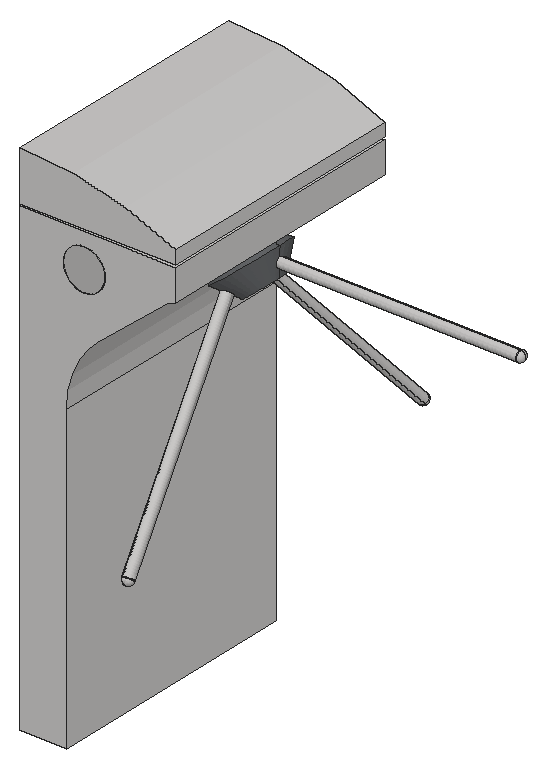
Revit family "CAME_Турникет_Трипод_STILE_600", category Специальное оборудование, Revit 2019
Family settings
  Размер круглого соединителя = Использовать диаметр
  Тип детали = Нормальный
  На основе рабочей плоскости = Нет
  Всегда вертикально = Да
  При загрузке вырезать с полостями = Нет
  Общий = Нет
  Точка расчета площади = Нет
Parameters
  Описание = "Турникет-трипод моторизованный. Корпус и преграды из нержавеющей стали AISI 304. Оснащен платой управления и светодиодными указателями прохода и направления. Стержни-барьеры с электродоводкой. Автоматическая разблокировка при аварийном отключении электроэнергии. Встроенный блок питания."
  Минимальная ширина проема = 790 mm  # constant formula
  Изготовитель = "CAME"  # constant formula
  Группа модели = "Турникеты"
  Watermark [instance] = "Модели защищены уникальным кодом"
  URL = "https://camerussia.com"
  CAME_Тип механизма турникета = "моторизованный"  # constant formula
  CAME_Напряжение электропитания двигателя (В) = 24 V  # constant formula
  CAME_Максимальное количество проходов в минуту = "48"  # constant formula
  CAME_Класс защиты (IP) = "54"  # constant formula
  CAME_Интенсивность использования (%) = "ИНТЕНСИВНОЕ"  # constant formula
  CAME_Диапазон рабочих температур (°C) = "-20 ÷ +68"  # constant formula
  BL_Разработано = "support@bimlib.pro"  # constant formula
  BL_Email = "cru.info@came.com"  # constant formula
  BL_BIM library = "https://bimlib.pro/manufacturer/came/cf0b6efe-31e5-4ffa-b7ea-1d6fa84041d4/?tab=products"
  ADSK_Размер_Ширина = 770 mm  # constant formula
  ADSK_Размер_Глубина = 500 mm  # constant formula
  ADSK_Размер_Высота = 1000 mm  # constant formula
  ADSK_Полная мощность = ADSK_Номинальная мощность / ADSK_Коэффициент мощности  # 13.5417 VA
  ADSK_Обозначение = "ТУ 26.30.50-001-89603926-2021"  # constant formula
  ADSK_Номинальная мощность = 13 W  # constant formula
  ADSK_Напряжение = 230 V  # constant formula
  ADSK_Наименование краткое = "Турникет-трипод STILE 600"  # constant formula
  ADSK_Наименование = "Турникет-трипод моторизованный STILE 600"  # constant formula
  ADSK_Масса_Текст = "36"  # constant formula
  ADSK_Масса = 36  # constant formula
  ADSK_Марка = "АРТ:001PSMM602E-01"  # constant formula
  ADSK_Коэффициент мощности = 0.96
  ADSK_Количество фаз = 1  # constant formula
  ADSK_Количество = 1  # constant formula
  ADSK_Код изделия = "Код КСР 26.30.50.119.61.2.07.09"  # constant formula
  ADSK_Классификация нагрузок = Прочее
  ADSK_Завод-изготовитель = "CAME"  # constant formula
  ADSK_Единица измерения = "шт."  # constant formula
  ADSK_Группирование = "STILE"  # constant formula
  ADSK_Версия семейства = "1.0"  # constant formula
  ADSK_Версия Revit = "2019"  # constant formula
  ADSK_URL страницы изделия = "https://camerussia.com/product/001psmm602e-01/"
  ADSK_URL документации изделия = "https://camerussia.com/uploads/support/instructions/files/Инструкция%20STILE-TWISTER-SALOON.pdf"
Reference planes
  plane 1 "По центру (Вперед/Назад)": y = 0
  plane 2: z = 0
  plane 3 "По центру (Влево/Вправо)": x = 0
  plane 4: y = 250
  plane 5: y = -250
  plane 6: z = 1000
  plane 7: x = 770
  plane 8: x = 300
  plane 9: x = 790
  plane 10: x = 155
  plane 11: x = 90
  plane 12: z = 800
  plane 13: z = 905
  plane 14: z = 900
Forms (mm)
  Extrusion 1, solid, material "CAME_Сталь_Нержавеющая_AISI 304", detail levels fine
    sketch origin (0, 0, 0) x (1, 0, 0) y (0, 0, 1)
      loop
        line (90, 0) -> (90, 582.83)
        arc (90, 582.83) -> (107.451, 661.547) -> (156.534, 725.513) r 186.26
        line (156.534, 725.513) -> (282.633, 831.322)
        arc (282.633, 831.322) -> (290.784, 836.518) -> (300, 839.431) r 37.091
        line (300, 839.431) -> (300, 900) -> (0, 900) -> (0, 0) -> (90, 0)
      loop
        line (300, 905) -> (300, 930)
        arc (300, 930) -> (154.029, 982.268) -> (0, 1000) r 677.857
        line (0, 1000) -> (0, 905) -> (300, 905)
    from -250 to 250
  Extrusion 2, solid, material "CAME_Стекло_Закаленное_Черное", detail levels fine
    sketch origin (866.16, -250, 1200) x (1, 0, 0) y (0, 0, 1)
      loop
        circle (-741.16, -365) r 40
    from 0 to 2
  Extrusion 3, solid, material "CAME_Стекло_Закаленное_Черное", detail levels fine
    sketch origin (-872.529, 250, 1200) x (-1, 0, 0) y (0, 0, 1)
      loop
        circle (-997.529, -365) r 40
    from 0 to 2
  Extrusion 4, solid, material "CAME_Сталь_Нержавеющая_AISI 304", detail levels medium
    sketch origin (0, 0, 0) x (1, 0, 0) y (0, 0, 1)
      loop
        line (0, 0) -> (90, 0) -> (90, 669.684) -> (300, 845.895) -> (300, 930)
        arc (300, 930) -> (154.029, 982.268) -> (0, 1000) r 677.857
        line (0, 1000) -> (0, 0)
    from -250 to 250
Lines and regions (mm)
  model lines, style "CAME", detail levels coarse
    curve 1: line (0, 250, 0) -> (300, 250, 0)
    curve 2: line (0, -250, 0) -> (0, 250, 0)
    curve 3: line (300, -250, 0) -> (0, -250, 0)
    curve 4: line (300, 250, 0) -> (300, -250, 0)
    curve 5: line (300, 0, 0) -> (770, 0, 0)
    curve 6: line (300, 0, 0) -> (360.777, 344.683, 0)
    curve 7: line (300, 0, 0) -> (360.777, -344.683, 0)
    curve 8: line (90, 250, 0) -> (90, -250, 0)
Dimensions and locks
  equal spacing: plane 5, plane 1 "По центру (Вперед/Назад)", plane 4
  "ADSK_Размер_Глубина": plane 5 to plane 4
  "ADSK_Размер_Высота": plane 6 to plane 2
  locked: plane 3 "По центру (Влево/Вправо)" to plane 8 at 300
  locked: plane 10 to plane 8 at 145
  locked: plane 6 to Extrusion 2 sketch curve at 165
  locked: Extrusion 2 sketch curve to plane 3 "По центру (Влево/Вправо)" at 125
  locked: plane 11 to plane 3 "По центру (Влево/Вправо)" at 90
  "ADSK_Размер_Ширина": plane 3 "По центру (Влево/Вправо)" to plane 7
  "Минимальная ширина проема": plane 3 "По центру (Влево/Вправо)" to plane 9
  locked: plane 12 to plane 2 at 800
  plane 6 to plane 13 to plane 14 = 95 mm locked, 5 mm locked
  aligned and locked: level to plane 2
  aligned and locked: plane 4 to Extrusion 1
  aligned and locked: plane 5 to Extrusion 1
  aligned and locked: Extrusion 3 sketch curve to Extrusion 2  (x2)
  aligned and locked: nested 1 to plane 1 "По центру (Вперед/Назад)"
  aligned and locked: plane 2 to Extrusion 1 sketch curve
  aligned and locked: Extrusion 1 sketch curve to plane 11
  aligned and locked: Extrusion 1 to Extrusion 4 sketch curve  (x2)
  aligned and locked: Extrusion 4 sketch curve to Extrusion 1  (x3)
  aligned and locked: plane 4 to Extrusion 4
  aligned and locked: plane 5 to Extrusion 4
  aligned and locked: Extrusion 4 sketch curve to plane 3 "По центру (Влево/Вправо)"
  aligned and locked: plane 3 "По центру (Влево/Вправо)" to Extrusion 1 sketch curve  (x2)
  aligned and locked: curve 8 to Extrusion 1
Automatic sketch dimensions
  Extrusion 1 sketch curve to plane 8 = 0 mm  (x2)
  Extrusion 1 sketch curve to plane 13 = 0 mm
  Extrusion 1 sketch curve to plane 10 = 1.534 mm
  Extrusion 1 sketch curve to plane 8 = 23.74 mm
  Extrusion 1 sketch curve to plane 8 = 17.367 mm
  plane 12 to Extrusion 1 sketch curve = 2.909 mm
  plane 8 to Extrusion 1 sketch curve = 6.474 mm
  level to Extrusion 1 sketch curve = 322.143 mm
  Extrusion 1 sketch curve to plane 12 = 217.17 mm
  plane 12 to Extrusion 1 sketch curve = 31.322 mm
  Extrusion 1 sketch curve to Extrusion 1 sketch curve = 95 mm
  Extrusion 1 sketch curve to plane 14 = 0 mm
  curve 3 to plane 3 "По центру (Влево/Вправо)" = 0 mm
  plane 5 to curve 8 = 0 mm
  curve 4 to plane 8 = 0 mm
  plane 1 "По центру (Вперед/Назад)" to curve 5 = 0 mm
  curve 5 to plane 7 = 0 mm
  plane 1 "По центру (Вперед/Назад)" to curve 6 = 0 mm
  plane 1 "По центру (Вперед/Назад)" to curve 7 = 0 mm
  curve 8 to plane 4 = 0 mm
  plane 8 to curve 6 = 60.777 mm
  plane 8 to curve 7 = 60.777 mm
  plane 5 to curve 7 = 94.683 mm
  plane 4 to curve 6 = 94.683 mm
  radius of Extrusion 2 sketch curve = 40 mm
Nested families
  nested 1: "CAME_Трипод" at (234.559, 0, 790.984) x (0.766, 0, 0.6428) z (0.6428, 0, -0.766), type "CAME_Трипод"
Connectors
  electrical at (45, 0, 0), driven by "ADSK_Количество фаз", driven by "ADSK_Напряжение", driven by "ADSK_Полная мощность", driven by "ADSK_Коэффициент мощности"
    settings: on Extrusion 1, index 1, voltage 230 V, apparent load 0 VA, apparent load phase1 13.5417 VA, apparent load phase2 0 VA, apparent load phase3 0 VA, power factor 0.96, load classification "Прочее", number of poles 1, system type 31, power factor state 1, is connector primary yes, connector utility no, sub classification motor no, connector description ""
Definition of nested family "CAME_Трипод"
  Parameters (values of type "CAME_Трипод")
    Default Elevation = 1219.2 mm
    Материал крепления = none
    ADSK_Материал = none
  Reference planes
    plane 1 "По центру (Вперед/Назад)": y = 0
    plane 2: z = 0
    plane 3 "По центру (Влево/Вправо)": x = 0
    plane 4: z = 35
    plane 5 "A": through (0, 0, 1200) normal (-0.866, -0.5, 0)
    plane 6 "B": through (0, 0, 1200) normal (0.866, -0.5, 0)
  Forms (mm)
    Revolve 1, solid, material <- "ADSK_Материал", detail levels medium+fine
      sketch origin (0, 0, 0) x (1, 0, 0) y (0, 0, 1)
        loop
          line (62.5, 0) -> (73.667, 13.309) -> (38.314, 55.441) -> (0, 55.441) -> (0, 0) -> (62.5, 0)
        axis (0, 0) -> (0, 55.441)
      angle from 0 to 360
    Revolve 2, solid, material <- "ADSK_Материал", detail levels medium+fine
      sketch origin (0, 0, 0) x (1, 0, 0) y (0, 0, 1)
        loop
          line (47.835, 28.597) -> (54.238, 20.965) -> (414.279, 323.075) -> (407.876, 330.707) -> (47.835, 28.597)
        axis (47.835, 28.597) -> (407.876, 330.707)
      angle from 0 to 360
    Revolve 3, solid, material <- "ADSK_Материал", detail levels medium+fine
      sketch origin (0, 0, 1200) x (0.5, -0.866025, 0) y (0, 0, 1)
        loop
          line (-47.84, -1171.428) -> (-407.21, -869.88) -> (-414.308, -876.978) -> (-54.267, -1179.088) -> (-47.84, -1171.428)
        axis (-47.84, -1171.428) -> (-407.88, -869.318)
      angle from 0 to 360
    Revolve 4, solid, material <- "ADSK_Материал", detail levels medium+fine
      sketch origin (0, 0, 1200) x (0.5, 0.866025, 0) y (0, 0, 1)
        loop
          line (-40.179, -1177.856) -> (-407.21, -869.88) -> (-414.308, -876.978) -> (-46.607, -1185.516) -> (-40.179, -1177.856)
        axis (-40.179, -1177.856) -> (-407.88, -869.318)
      angle from 0 to 360
    Revolve 5, solid, material <- "ADSK_Материал", detail levels fine
      sketch origin (-27.75, -48.064, 35) x (-0.383022, -0.663414, 0.642788) y (-0.321394, -0.55667, -0.766044)
        loop
          line (460, 0) -> (470, 0)
          arc (470, 0) -> (467.071, 7.071) -> (460, 10) r 10
          line (460, 10) -> (460, 0)
        axis (460, 0) -> (470, 0)
      angle from 0 to 360
    Revolve 6, solid, material <- "ADSK_Материал", detail levels fine
      sketch origin (55.466, 0, 35) x (0.766044, 0, 0.642788) y (-0.642788, 0, 0.766044)
        loop
          arc (460.038, -9.962) -> (467.082, -7.044) -> (470, 0) r 9.962
          line (470, 0) -> (460.038, 0) -> (460.038, -9.962)
        axis (460.038, 0) -> (470, 0)
      angle from 0 to 360
    Revolve 7, solid, material <- "ADSK_Материал", detail levels fine
      sketch origin (-27.75, 48.064, 35) x (-0.383022, 0.663414, 0.642788) y (-0.321394, 0.55667, -0.766044)
        loop
          line (460, 0) -> (470, 0)
          arc (470, 0) -> (467.071, 7.071) -> (460, 10) r 10
          line (460, 10) -> (460, 0)
        axis (460, 0) -> (470, 0)
      angle from 0 to 360
  Cuts and joins
    joined: Revolve 1, Revolve 2, Revolve 3, Revolve 4
  Lines and regions (mm)
    reference lines
      curve 1: line (38.314, 0, 55.441) -> (73.667, 0, 13.309)
      curve 2: line (55.466, 0, 35) -> (488.281, 0, 398.175)
      curve 3: circle (0, 0, 35) r 55.5 normal (0, 0, 1)
      curve 4: line (-27.75, 48.064, 35) -> (-152.232, 263.674, 243.906)
      curve 5: line (-27.75, -48.064, 35) -> (-219.261, -379.771, 356.394)
  Dimensions and locks
    locked: plane 4 to plane 2 at 35
    locked: plane 1 "По центру (Вперед/Назад)" to plane 5 "A" (angle 120.00°)
    locked: plane 6 "B" to plane 1 "По центру (Вперед/Назад)" (angle 120.00°)
    angle curve 4 to plane 4 = 40.00°
    aligned and locked: level to plane 2
    aligned and locked: plane 3 "По центру (Влево/Вправо)" to Revolve 1 sketch curve
    aligned and locked: Revolve 1 sketch curve to Revolve 1 sketch curve
    aligned and locked: Revolve 2 sketch curve to curve 2
    aligned and locked: Revolve 3 sketch curve to curve 4
    aligned and locked: Revolve 4 sketch curve to curve 5
    aligned and locked: Revolve 5 sketch curve to curve 5
    aligned and locked: cut or joined group of Revolve 1, Revolve 2, Revolve 3, Revolve 4 to Revolve 5 sketch curve
    aligned and locked: curve 5 to Revolve 5 sketch curve
    aligned and locked: Revolve 6 sketch curve to curve 2
    aligned and locked: Revolve 6 sketch curve to cut or joined group of Revolve 1, Revolve 2, Revolve 3, Revolve 4
    aligned and locked: curve 2 to Revolve 6 sketch curve
    aligned and locked: Revolve 7 sketch curve to curve 4
    aligned and locked: curve 4 to Revolve 7 sketch curve
    aligned and locked: cut or joined group of Revolve 1, Revolve 2, Revolve 3, Revolve 4 to Revolve 7 sketch curve
